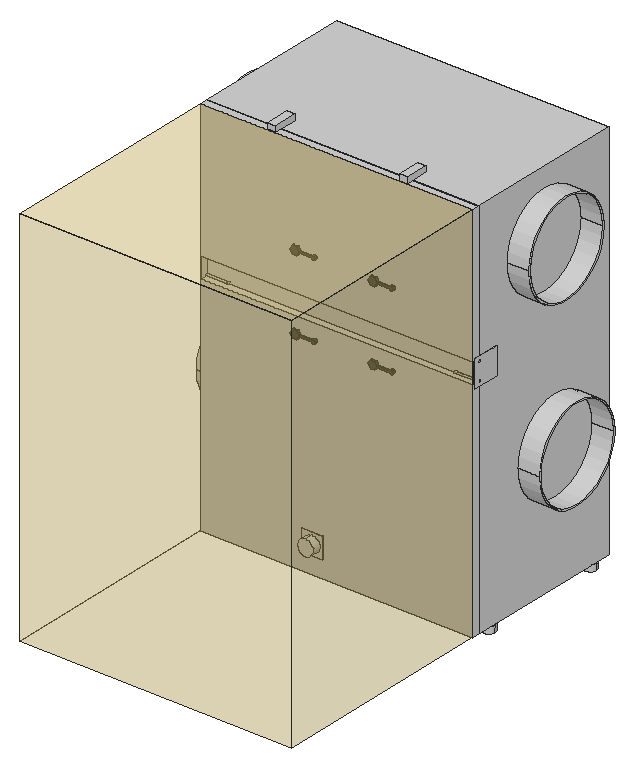
Revit family "Ventilator-RenewAire-Energy-Recovery-HE1XINV-Bypass", category Mechanical Equipment, Revit 2015
Parameters (values of type "0.75 HP 120V Single Phase")
  Voltage = "120"
  Ventilation Type = "Static Plate, Heat and Humidity Transfer"
  Unit Width = "23-3/4\""
  Unit Weight = "201-272 lbs."
  Unit Length = "40-1/2\""
  Unit Height = "50-3/4\""
  Unit = Metal - RenewAire - Anodized - Gray Text
  URL = "www.renewaire.com"
  Typical Airflow Range = "250 - 925 CFM"
  Standard Features = "Non-Fused Disconnect, 24VAC Transformer/Relay Package"
  Shipping Weight = "325"
  Service Area Visibility = yes
  Service Area Box = Interference - RenewAire - Smooth - Light - Gold
  Revit Object Download Link = ""
  Phase = "Single"
  Options = "Qty. 2 EC Motor (see HE1XINV EC Motor submittal) - 0.5 HP 120V/1Ph/60Hz, 0.5 HP 208-230V/1Ph/60Hz, Integrated programmable controls, Fused disconnect, Double wall construction, low leakage motorized isolation dampers – OA, RA or both airstreams, Qty. 2 Factory mounted filter alarms, Independent blower control, Exterior Paint - white, custom colors, Bypass economizer (see bypass DIM drawing) – dry bulb temperature controls (standard), enthalpy controls (option)"
  Number Motors = "Qty. 2, 0.75 HP ea., Direct drive blower/standard motor packages"
  Model = "HE1XINV-Bypass"
  Minimum Circuit Amps = "20.3"
  Maximum Overcurrent Protection = "25 A"
  Max. Shipping Width = "42\""
  Max. Shipping Length = "30\""
  Max. Shipping Height = "71\""
  Manufacturer = "RenewAire LLC"
  Frequency = "60 HZ"
  FLA per Motor = "9.0"
  Description = "Energy Recovery Ventilator"
  Accessories = "Filters - MERV 13, 2\" (shipped loose), Backdraft damper 12\", Motorized isolation damper - both airstreams, Wall cap 12\" - galvanized, paintable galvanneal, Solid state speed control kit - 115V, Qty. 1, 208-230V, Qty. 1, Digital time clock - wall mount(TC7D-W), in exterior enclosure (TC7D-E), Motion occupancy control - ceiling mount(MC-C), wall mount(MC-W), Carbon dioxide control - wall mount (CO2-W), duct mount(CO2-D), Electric duct heater – EK series (1-60 KW), Indirect gas-fired duct furnace - GH Series (50-400 MBH), installed downstream of any fans"
  AHRI 1060 Certified Core = "One L125-G5"
Types (6): name | Voltage | Phase | Minimum Circuit Amps | Maximum Overcurrent Protection | FLA per Motor
  (no name) | "120" | "Single" | "20.3" | "25 A" | "9.0"
  0.75 HP 120V Single Phase | "120" | "Single" | "20.3" | "25 A" | "9.0"
  0.75 HP 208-230V Single Phase | "208-230" | "Single" | "10.1" | "15 A" | "4.5"
  0.75 HP 277V Single Phase | "277" | "Single" | "8.8" | "15 A" | "3.9"
  0.75 HP 208-230V Three Phase | "208-230" | "Three" | "5.2" | "15 A" | "1.7-2.3"
  0.75 HP 460V Three Phase | "460" | "Three" | "2.6" | "15 A" | "1.15"
Reference planes (in)
  plane 1 "Center (Front/Back)": y = 0
  plane 2: z = 0
  plane 3 "Center (Left/Right)": x = 0
  plane 4 "CabRight": x = 32.25
  plane 5 "CabLeft": x = -32.25
Forms (in)
  Extrusion 1, solid, material "Metal - RenewAire - Anodized - Gray Text" <- "Unit"
    sketch origin (17.4375, 0, 24.5625) x (0, 0, 1) y (0, 1, 0)
      loop
        line (-24.5625, 10.375) -> (-24.5625, -10.375) -> (24.5625, -10.375) -> (24.5625, 10.375) -> (-24.5625, 10.375)
    from 0 to 34.875
  Extrusion 2, solid, material "Metal - RenewAire - Anodized - Gray Text"
    sketch origin (17.4375, 0, 24.5625) x (0, 0, 1) y (-1, 0, 0)
      loop
        line (24.5625, 34.875) -> (7.0625, 34.875) -> (7.0625, 0) -> (24.5625, 0) -> (24.5625, 34.875)
      loop
        line (-24.5625, 34.875) -> (-24.5625, 0) -> (4.4375, 0) -> (4.4375, 34.875) -> (-24.5625, 34.875)
    from 10.375 to 11.375
  Extrusion 3, solid, material "Metal - RenewAire - Anodized - Gray Text"
    sketch origin (17.4375, 0, 24.5625) x (0, 0, 1) y (0, 1, 0)
      loop
        line (3.96232, -7.75) -> (3.96232, -11.25) -> (7.46232, -11.25) -> (7.46232, -7.75) -> (3.96232, -7.75)
    from 34.875 to 35
  Extrusion 4, solid, material "Metal - RenewAire - Anodized - Gray Text"
    sketch origin (17.4375, 0, 24.5625) x (0, 0, 1) y (0, 1, 0)
      loop
        line (3.96232, -7.75) -> (3.96232, -11.25) -> (7.46232, -11.25) -> (7.46232, -7.75) -> (3.96232, -7.75)
    from -0.125 to 0
  Extrusion 5, solid, material "Metal - RenewAire - Anodized - Gray Text"
    sketch origin (17.4375, 0, 24.5625) x (0, 0, 1) y (0, 1, 0)
      loop
        circle (4.5625, -10.5) r 0.125
      loop
        circle (6.9375, -10.5) r 0.125
    from 32 to 35
  Extrusion 6, solid, material "Metal - RenewAire - Anodized - Gray Text"
    sketch origin (17.4375, 0, 24.5625) x (0, 0, 1) y (0, 1, 0)
      loop
        circle (4.5625, -10.5) r 0.125
      loop
        circle (6.9375, -10.5) r 0.125
    from -0.125 to 3
  Extrusion 7, solid, material "Metal - RenewAire - Anodized - Gray Text"
    sketch origin (0, 0, 0) x (1, 0, 0) y (0, 1, 0)
      loop
        circle (16.9375, -8.125) r 0.75
      loop
        circle (16.9375, 8.125) r 0.75
      loop
        circle (-16.9375, -8.125) r 0.75
      loop
        circle (-16.9375, 8.125) r 0.75
    from 0 to -0.75
  Extrusion 8, solid, material "Metal - RenewAire - Anodized - Gray Text"
    sketch origin (17.4375, 0, 24.5625) x (0, 1, 0) y (-1, 0, 0)
      loop
        line (-11.25, 26.375) -> (-11.25, 25.375) -> (-8.25, 25.375) -> (-8.25, 26.375) -> (-11.25, 26.375)
      loop
        line (-11.25, 9.5) -> (-11.25, 8.5) -> (-8.25, 8.5) -> (-8.25, 9.5) -> (-11.25, 9.5)
    from 25.3125 to 24.5625
  Extrusion 9, solid, material "Metal - RenewAire - Anodized - Gray Text"
    sketch origin (17.4375, 0, 24.5625) x (0, 0, 1) y (-1, 0, 0)
      loop
        line (-22.3125, 21.875) -> (-22.3125, 19.185) -> (-19.6225, 19.185) -> (-19.6225, 21.875) -> (-22.3125, 21.875)
    from 11.5 to 11.375
  Extrusion 10, solid, material "Metal - RenewAire - Anodized - Gray Text"
    sketch origin (17.4375, 0, 24.5625) x (0, 0, 1) y (-1, 0, 0)
      loop
        circle (-20.9675, 20.53) r 1
    from 12.5 to 11.5
  Extrusion 11, solid, material "Metal - RenewAire - Anodized - Gray Text"
    sketch origin (0, 1.75, 7.5) x (0, 1, 0) y (0, 0, 1)
      loop
        circle (0, 8.875) r 5.875
      loop
        circle (0, 8.875) r 6
    from 20.3125 to 17.4375
  Extrusion 12, solid, material "Metal - RenewAire - Anodized - Gray Text"
    sketch origin (0, 0, 31.875) x (0, 1, 0) y (0, 0, 1)
      loop
        circle (0, 8.875) r 5.875
      loop
        circle (0, 8.875) r 6
    from 20.3125 to 17.4375
  Extrusion 13, solid, material "Metal - RenewAire - Anodized - Gray Text"
    sketch origin (0, 2.5, 13.125) x (0, 1, 0) y (0, 0, 1)
      loop
        circle (-2.5, 27.625) r 6
      loop
        circle (-2.5, 27.625) r 5.875
    from -20.3125 to -17.4375
  Extrusion 14, solid, material "Metal - RenewAire - Anodized - Gray Text"
    sketch origin (0, -4.25, 7.375) x (0, 1, 0) y (0, 0, 1)
      loop
        circle (1.75, 8.875) r 6
      loop
        circle (1.75, 8.875) r 5.875
    from -20.3125 to -17.4375
  Extrusion 15, solid, material "Interference - RenewAire - Smooth - Light - Gold" <- "Service Area Box", visible <- "Service Area Visibility"
    sketch origin (17.4375, 0, 24.5625) x (0, 0, 1) y (-1, 0, 0)
      loop
        line (-24.5625, 34.875) -> (-24.5625, 0) -> (24.5625, 0) -> (24.5625, 34.875) -> (-24.5625, 34.875)
    from 11.375 to 40.375
  Extrusion 16, solid, material "Metal - RenewAire - Anodized - Gray Text" <- "Unit"
    sketch origin (0, 0, 0) x (1, 0, 0) y (0, 0, 1)
      loop
        circle (7.3125, 9) r 6
      loop
        circle (7.3125, 9) r 5.75
    from -13.75 to -10.375
Dimensions and locks (in)
  aligned and locked: level to plane 2
  aligned and locked: nested 1 to Extrusion 15
Nested families (in)
  nested 1: "Monitoring Port" at (7.4375, -11.375, 27) x (0, 0, 1) z (-1, 0, 0), type "Monitoring Port"
  nested 2: "Monitoring Port" at (-2.5625, -11.375, 27) x (0, 0, 1) z (-1, 0, 0), type "Monitoring Port"
  nested 3: "Monitoring Port" at (7.4375, -11.375, 36.625) x (0, 0, 1) z (-1, 0, 0), type "Monitoring Port"
  nested 4: "Monitoring Port" at (-2.5625, -11.375, 36.625) x (0, 0, 1) z (-1, 0, 0), type "Monitoring Port"
Connectors (in)
  hvac at (-17.4375, 0, 40.75)
    settings: on Extrusion 13, index 6, duct flow 0 CFM, flow factor 0, pres drop 0.00 in-wg, loss coef 0, conn angle 0.00°, conn width 12", conn height 12", conn diameter 12", duct sys type 2, conn prof type 0, flow config 0, flow direction 1, loss method 0, conn ref index -1, conn util no, is conn primary yes, conn desc "RA (Return Air)"
  hvac at (-17.4375, -2.5, 16.25)
    settings: on Extrusion 14, index 7, duct flow 0 CFM, flow factor 0, pres drop 0.00 in-wg, loss coef 0, conn angle 0.00°, conn width 12", conn height 12", conn diameter 12", duct sys type 1, conn prof type 0, flow config 0, flow direction 2, loss method 0, conn ref index -1, conn util no, is conn primary no, conn desc "FA (Fresh Air)"
  hvac at (17.4375, 1.75, 16.375)
    settings: on Extrusion 11, index 8, duct flow 0 CFM, flow factor 0, pres drop 0.00 in-wg, loss coef 0, conn angle 0.00°, conn width 12", conn height 12", conn diameter 12", duct sys type 3, conn prof type 0, flow config 0, flow direction 2, loss method 0, conn ref index -1, conn util no, is conn primary no, conn desc "EA (Exhaust Air)"
  hvac at (17.4375, 0, 40.75)
    settings: on Extrusion 12, index 9, duct flow 0 CFM, flow factor 0, pres drop 0.00 in-wg, loss coef 0, conn angle 0.00°, conn width 12", conn height 12", conn diameter 12", duct sys type 4, conn prof type 0, flow config 0, flow direction 1, loss method 0, conn ref index -1, conn util no, is conn primary no, conn desc "OA (Outside Air)"
  hvac at (7.3125, 10.375, 9)
    settings: on Extrusion 16, index 10, duct flow 0 CFM, flow factor 0, pres drop 0.00 in-wg, loss coef 0, conn angle 0.00°, conn width 12", conn height 12", conn diameter 12", duct sys type 2, conn prof type 0, flow config 0, flow direction 1, loss method 0, conn ref index -1, conn util no, is conn primary no, conn desc "BP (Bypass Air)"
Definition of nested family "Monitoring Port"
  Parameters
    URL = "www.renewaire.com"
    Revit Object Download Link = ""
    Model = ""
    Manufacturer = "RenewAire LLC"
    Description = "Monitoring Ports"
  Reference planes (in)
    plane 1 "Center (Front/Back)": y = 0
    plane 2: z = 0
    plane 3 "Center (Left/Right)": x = 0
  Forms (in)
    Extrusion 1, solid
      sketch origin (-9.43348, 0, 37.76669) x (-1, 0, 0) y (0, 0, -1)
        loop
          line (-9.53348, 35.65895) -> (-9.94097, 35.42369) -> (-9.94097, 34.83769) -> (-9.43348, 34.54469) -> (-8.92599, 34.83769) -> (-8.92599, 35.42369) -> (-9.33348, 35.65895) -> (-9.33348, 37.28756)
          arc (-9.33348, 37.28756) -> (-9.43348, 37.76669) -> (-9.53348, 37.28756) r 0.25
          line (-9.53348, 37.28756) -> (-9.53348, 35.65895)
      from 0 to 0.25
  Dimensions and locks (in)
    aligned and locked: level to plane 2
